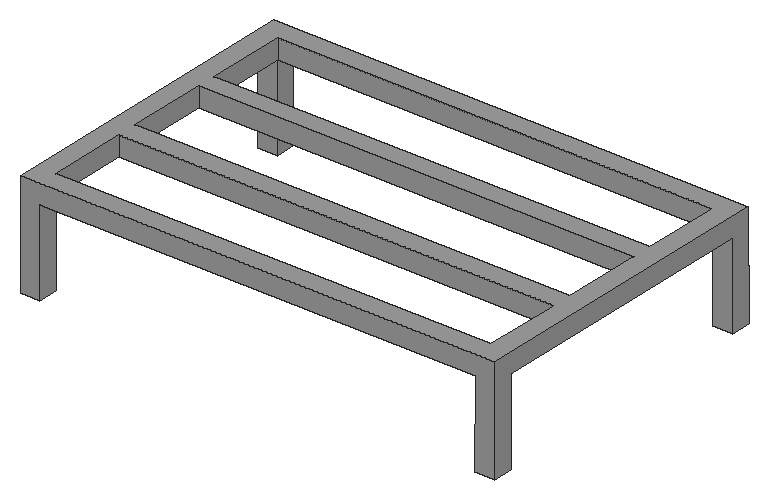
Revit family
Parameters (values of type "ByType")
  Width = 3' - 0"
  URL = "www.sspinc.net"
  Specification URL = "http://www.sspinc.net/sspweb/index.php?option=com_virtuemart&page=shop.browse&category_id=30&Itemid=73"
  Rack Material = Metal - Steel - Stainless - Chrome
  Model Number = " "
  Model = "Dunnage Rack"
  Manufacturer = "Elkay SSP, LLC"
  Length = 2' - 0"
  Height = 0' - 8"
  Description = "Aluminum Dunnage Rack"
  Center Opening = if(Length < 1' 8 1/16", 0' 4 11/16", 0' 6")  # 0' - 6"
  Assembly Code = ""
Reference planes (in)
  plane 1 "Center (Front/Back)": y = 0
  plane 2 "Bottom": z = 0
  plane 3 "Center (Left/Right)": x = 0
  plane 4 "Left": x = -18
  plane 5 "Right": x = 18
  plane 6 "Back": y = 12
  plane 7 "Front": y = -12
  plane 8: z = 8
  plane 9 "Top of Rack Bottom Edge": z = 6.5
  plane 10 "Right Inside Edge": x = 16.5
  plane 11 "Left Inside Edge": x = -16.5
  plane 12 "Back Inside Edge": y = 10.5
  plane 13 "Front Inside": y = -10.5
  plane 14 "Mid-Rear Bar Front Edge": y = 3
  plane 15 "Mid-Front Bar Back Edge": y = -3
  plane 16 "Mid-Rear Bar Back Edge": y = 4.5
  plane 17 "Mid-Front Bar Front Edge": y = -4.5
  plane 18 "LOGO CL L-R": x = 12.25
  plane 19 "LOGO CL F-B": y = 11.375
Forms (in)
  Sweep 1, solid, material "Metal - Steel - Stainless - Chrome" <- "Rack Material"
    path origin (18, 0, 0) x (0, 1, 0) y (0, 0, 1)
      loop
        line (12, 0) -> (12, 8) -> (-12, 8) -> (-12, 0)
    profile origin (18, -12, 4) x (1, 0, 0) y (0, 1, 0)
      loop
        line (-1.5, 1.5) -> (-1.5, 0) -> (0, 0) -> (0, 1.5) -> (-1.5, 1.5)
  Sweep 2, solid, material "Metal - Steel - Stainless - Chrome" <- "Rack Material"
    path origin (-18, 0, 0) x (0, 1, 0) y (0, 0, 1)
      loop
        line (-12, 0) -> (-12, 8) -> (12, 8) -> (12, 0)
    profile origin (-18, -12, 4) x (0, -1, 0) y (1, 0, 0)
      loop
        line (-1.5, 0) -> (0, 0) -> (0, 1.5) -> (-1.5, 1.5) -> (-1.5, 0)
  Extrusion 3, solid, material "Metal - Steel - Stainless - Chrome" <- "Rack Material"
    sketch origin (0, 0, 0) x (0, 1, 0) y (0, 0, 1)
      loop
        line (-4.5, 8) -> (-4.5, 6.5) -> (-3, 6.5) -> (-3, 8) -> (-4.5, 8)
    from -16.5 to 16.5
  Extrusion 4, solid, material "Metal - Steel - Stainless - Chrome" <- "Rack Material"
    sketch origin (0, 0, 0) x (0, 1, 0) y (0, 0, 1)
      loop
        line (-12, 8) -> (-12, 6.5) -> (-10.5, 6.5) -> (-10.5, 8) -> (-12, 8)
    from -16.5 to 16.5
  Extrusion 5, solid, material "Metal - Steel - Stainless - Chrome" <- "Rack Material"
    sketch origin (0, 0, 0) x (0, 1, 0) y (0, 0, 1)
      loop
        line (3, 8) -> (3, 6.5) -> (4.5, 6.5) -> (4.5, 8) -> (3, 8)
    from -16.5 to 16.5
  Extrusion 6, solid, material "Metal - Steel - Stainless - Chrome" <- "Rack Material"
    sketch origin (0, 0, 0) x (0, 1, 0) y (0, 0, 1)
      loop
        line (10.5, 8) -> (10.5, 6.5) -> (12, 6.5) -> (12, 8) -> (10.5, 8)
    from -16.5 to 16.5
Cuts and joins
  joined: Sweep 1, Sweep 2, Extrusion 3, Extrusion 4, Extrusion 5, Extrusion 6
Lines and regions (in)
  Masking region 1
    outline origin (0, 0, 0) x (1, 0, 0) y (0, 1, 0)
      loop
        line (-18, 12) -> (-18, -12) -> (18, -12) -> (18, 12) -> (-18, 12)
      loop
        line (-16.5, 10.5) -> (-16.5, 4.5) -> (16.5, 4.5) -> (16.5, 10.5) -> (-16.5, 10.5)
      loop
        line (-16.5, 3) -> (-16.5, -3) -> (16.5, -3) -> (16.5, 3) -> (-16.5, 3)
      loop
        line (-16.5, -4.5) -> (-16.5, -10.5) -> (16.5, -10.5) -> (16.5, -4.5) -> (-16.5, -4.5)
Dimensions and locks (in)
  equal spacing: plane 4 "Left", plane 3 "Center (Left/Right)", plane 5 "Right"
  "Width": plane 4 "Left" to plane 5 "Right"
  equal spacing: plane 6 "Back", plane 1 "Center (Front/Back)", plane 7 "Front"
  "Length": plane 6 "Back" to plane 7 "Front"
  locked: plane 10 "Right Inside Edge" to plane 5 "Right" at 1.5
  locked: plane 4 "Left" to plane 11 "Left Inside Edge" at 1.5
  locked: plane 6 "Back" to plane 12 "Back Inside Edge" at 1.5
  locked: plane 13 "Front Inside" to plane 7 "Front" at 1.5
  "Height": plane 8 to plane 2 "Bottom"
  locked: plane 8 to plane 9 "Top of Rack Bottom Edge" at 1.5
  equal spacing: plane 14 "Mid-Rear Bar Front Edge", plane 1 "Center (Front/Back)", plane 15 "Mid-Front Bar Back Edge"
  "Center Opening": plane 14 "Mid-Rear Bar Front Edge" to plane 15 "Mid-Front Bar Back Edge"
  locked: plane 16 "Mid-Rear Bar Back Edge" to plane 14 "Mid-Rear Bar Front Edge" at 1.5
  locked: plane 15 "Mid-Front Bar Back Edge" to plane 17 "Mid-Front Bar Front Edge" at 1.5
  locked: plane 18 "LOGO CL L-R" to plane 5 "Right" at 5.75
  locked: plane 6 "Back" to plane 19 "LOGO CL F-B" at 0.625
  aligned and locked: Sweep 1 sketch curve to plane 7 "Front"
  aligned and locked: Sweep 1 sketch curve to plane 8
  aligned and locked: Sweep 1 sketch curve to plane 6 "Back"
  aligned and locked: plane 2 "Bottom" to Sweep 1 sketch curve  (x2)
  aligned and locked: Sweep 1 sketch curve to plane 5 "Right"
  aligned and locked: Sweep 1 sketch curve to plane 13 "Front Inside"
  aligned and locked: plane 10 "Right Inside Edge" to Sweep 1 sketch curve
  aligned and locked: plane 7 "Front" to Sweep 1 sketch curve
  aligned and locked: plane 7 "Front" to Sweep 2 sketch curve  (x2)
  aligned and locked: plane 6 "Back" to Sweep 2 sketch curve
  aligned and locked: plane 8 to Sweep 2 sketch curve
  aligned and locked: plane 2 "Bottom" to Sweep 2 sketch curve  (x2)
  aligned and locked: Sweep 2 sketch curve to plane 11 "Left Inside Edge"
  aligned and locked: plane 4 "Left" to Sweep 2 sketch curve
  aligned and locked: Sweep 2 sketch curve to plane 13 "Front Inside"
  aligned and locked: Extrusion 3 sketch curve to plane 8
  aligned and locked: plane 9 "Top of Rack Bottom Edge" to Extrusion 3 sketch curve
  aligned and locked: Extrusion 3 sketch curve to plane 15 "Mid-Front Bar Back Edge"
  aligned and locked: plane 17 "Mid-Front Bar Front Edge" to Extrusion 3 sketch curve
  aligned and locked: Extrusion 3 to plane 11 "Left Inside Edge"
  aligned and locked: plane 10 "Right Inside Edge" to Extrusion 3
  aligned and locked: Extrusion 4 sketch curve to plane 13 "Front Inside"
  aligned and locked: Extrusion 4 sketch curve to plane 8
  aligned and locked: plane 9 "Top of Rack Bottom Edge" to Extrusion 4 sketch curve
  aligned and locked: plane 7 "Front" to Extrusion 4 sketch curve
  aligned and locked: plane 10 "Right Inside Edge" to Extrusion 4
  aligned and locked: Extrusion 4 to plane 11 "Left Inside Edge"
  aligned and locked: Extrusion 5 sketch curve to plane 8
  aligned and locked: plane 9 "Top of Rack Bottom Edge" to Extrusion 5 sketch curve
  aligned and locked: Extrusion 5 sketch curve to plane 16 "Mid-Rear Bar Back Edge"
  aligned and locked: plane 14 "Mid-Rear Bar Front Edge" to Extrusion 5 sketch curve
  aligned and locked: plane 10 "Right Inside Edge" to Extrusion 5
  aligned and locked: Extrusion 5 to plane 11 "Left Inside Edge"
  aligned and locked: Extrusion 6 sketch curve to plane 8
  aligned and locked: Extrusion 6 sketch curve to plane 6 "Back"
  aligned and locked: plane 12 "Back Inside Edge" to Extrusion 6 sketch curve
  aligned and locked: plane 9 "Top of Rack Bottom Edge" to Extrusion 6 sketch curve
  aligned and locked: plane 10 "Right Inside Edge" to Extrusion 6
  aligned and locked: Extrusion 6 to plane 11 "Left Inside Edge"
  aligned and locked: plane 4 "Left" to Masking region 1 sketch curve
  aligned and locked: Masking region 1 sketch curve to plane 5 "Right"
  aligned and locked: Masking region 1 sketch curve to plane 6 "Back"
  aligned and locked: plane 7 "Front" to Masking region 1 sketch curve
  aligned and locked: Masking region 1 sketch curve to plane 10 "Right Inside Edge"  (x3)
  aligned and locked: plane 11 "Left Inside Edge" to Masking region 1 sketch curve  (x3)
  aligned and locked: plane 13 "Front Inside" to Masking region 1 sketch curve
  aligned and locked: Masking region 1 sketch curve to plane 17 "Mid-Front Bar Front Edge"
  aligned and locked: plane 15 "Mid-Front Bar Back Edge" to Masking region 1 sketch curve
  aligned and locked: plane 16 "Mid-Rear Bar Back Edge" to Masking region 1 sketch curve
  aligned and locked: Masking region 1 sketch curve to plane 12 "Back Inside Edge"
  aligned and locked: Masking region 1 sketch curve to plane 14 "Mid-Rear Bar Front Edge"
  aligned and locked: plane 18 "LOGO CL L-R" to nested 1
  aligned and locked: nested 1 to plane 19 "LOGO CL F-B"
Nested families (in)
  nested 1: "logo-elkay-ssp-detail" at (12.25, 11.375, 0), type "logo-elkay-ssp-detail"
Definition of nested family "logo-elkay-ssp-detail"
  Parameters (values of type "logo-elkay-ssp-detail")
    Assembly Code = ""
  Reference planes (in)
    plane 1 "Center (Front/Back)": y = 0
    plane 2: z = 0
    plane 3 "Center (Left/Right)": x = 0
  Lines and regions (in)
    model lines, style "Light Lines", in view "Ref. Level"
      curve 1: line (-3.32285, -0.06136, 0) -> (-4.06065, -0.06136, 0)
      curve 2: line (-4.06065, -0.06136, 0) -> (-4.1052, -0.25903, 0)
      curve 3: line (-4.1052, -0.25903, 0) -> (-3.21308, -0.25903, 0)
      curve 4: line (-3.21308, -0.25903, 0) -> (-3.24121, -0.38381, 0)
      curve 5: line (-3.24121, -0.38381, 0) -> (-4.38592, -0.38381, 0)
      curve 6: line (-4.38592, -0.38381, 0) -> (-4.2221, 0.37099, 0)
      curve 7: line (-4.2221, 0.37099, 0) -> (-3.14692, 0.37099, 0)
      curve 8: line (-3.14692, 0.37099, 0) -> (-3.17697, 0.23769, 0)
      curve 9: line (-3.17697, 0.23769, 0) -> (-3.99255, 0.23769, 0)
      curve 10: line (-3.99255, 0.23769, 0) -> (-4.0323, 0.06136, 0)
      curve 11: line (-4.0323, 0.06136, 0) -> (-3.29519, 0.06136, 0)
      curve 12: line (-3.29519, 0.06136, 0) -> (-3.32285, -0.06136, 0)
      curve 13: line (-2.6687, 0.37099, 0) -> (-2.81391, -0.25903, 0)
      curve 14: line (-2.81391, -0.25903, 0) -> (-2.05871, -0.25903, 0)
      curve 15: line (-2.05871, -0.25903, 0) -> (-2.08684, -0.38381, 0)
      curve 16: line (-2.08684, -0.38381, 0) -> (-3.09595, -0.38381, 0)
      curve 17: line (-3.09595, -0.38381, 0) -> (-2.93213, 0.37099, 0)
      curve 18: line (-2.93213, 0.37099, 0) -> (-2.6687, 0.37099, 0)
      curve 19: line (-0.64402, 0.37099, 0) -> (-0.90842, 0.37099, 0)
      curve 20: line (-0.90842, 0.37099, 0) -> (-1.67841, -0.0469, 0)
      curve 21: line (-1.67841, -0.0469, 0) -> (-1.57913, 0.37099, 0)
      curve 22: line (-1.57913, 0.37099, 0) -> (-1.84806, 0.37099, 0)
      curve 23: line (-1.84806, 0.37099, 0) -> (-2.01188, -0.38381, 0)
      curve 24: line (-2.01188, -0.38381, 0) -> (-1.7563, -0.38381, 0)
      curve 25: line (-1.7563, -0.38381, 0) -> (-1.71799, -0.21251, 0)
      curve 26: line (-1.71799, -0.21251, 0) -> (-1.43517, -0.06668, 0)
      curve 27: line (-1.43517, -0.06668, 0) -> (-1.0752, -0.38302, 0)
      curve 28: line (-1.0752, -0.38302, 0) -> (-0.71907, -0.38302, 0)
      curve 29: line (-0.71907, -0.38302, 0) -> (-1.21254, 0.0523, 0)
      curve 30: line (-1.21254, 0.0523, 0) -> (-0.64912, 0.37099, 0)
      curve 31: line (0.08918, 0.26288, 0) -> (0.26729, -0.08711, 0)
      curve 32: line (0.26729, -0.08711, 0) -> (-0.20629, -0.08711, 0)
      curve 33: line (-0.20629, -0.08711, 0) -> (0.08918, 0.26288, 0)
      curve 34: line (0.34973, -0.25251, 0) -> (0.4165, -0.38302, 0)
      curve 35: line (0.4165, -0.38302, 0) -> (0.70132, -0.38302, 0)
      curve 36: line (0.70132, -0.38302, 0) -> (0.33383, 0.37099, 0)
      curve 37: line (0.33383, 0.37099, 0) -> (0.0006, 0.37099, 0)
      curve 38: line (0.0006, 0.37099, 0) -> (-0.67302, -0.38302, 0)
      curve 39: line (-0.67302, -0.38302, 0) -> (-0.46788, -0.38302, 0)
      curve 40: line (-0.46788, -0.38302, 0) -> (-0.3476, -0.25251, 0)
      curve 41: line (-0.3476, -0.25251, 0) -> (0.34973, -0.25251, 0)
      curve 42: line (0.56187, 0.37099, 0) -> (0.87618, 0.37099, 0)
      curve 43: line (0.87618, 0.37099, 0) -> (1.20045, 0.00137, 0)
      curve 44: line (1.20045, 0.00137, 0) -> (1.65515, 0.37099, 0)
      curve 45: line (1.65515, 0.37099, 0) -> (1.84822, 0.37099, 0)
      curve 46: line (1.84822, 0.37099, 0) -> (1.2574, -0.11624, 0)
      curve 47: line (0.57295, 0.37099, 0) -> (1.00835, -0.11016, 0)
      curve 48: line (1.00835, -0.11016, 0) -> (0.94407, -0.38302, 0)
      curve 49: line (0.94407, -0.38302, 0) -> (1.19982, -0.38302, 0)
      curve 50: line (1.19982, -0.38302, 0) -> (1.2574, -0.11624, 0)
      curve 51: arc (2.52563, -0.41963, 0) -> (2.55578, -0.40042, 0) -> (2.5511, -0.36497, 0) r 0.03326
      curve 52: arc (2.46024, 0.37099, 0) -> (2.23746, 0.22901, 0) -> (2.27207, -0.03289, 0) r 0.24577
      curve 53: arc (3.26518, 0.1338, 0) -> (3.22745, 0.10965, 0) -> (3.23358, 0.06528, 0) r 0.04155
      curve 54: arc (3.33528, -0.6502, 0) -> (3.54975, -0.51639, 0) -> (3.51615, -0.26584, 0) r 0.23308
      curve 55: arc (3.29628, -0.70696, 0) -> (3.41982, -0.6722, 0) -> (3.50727, -0.57827, 0) r 0.23766
      curve 56: arc (3.2186, -0.41963, 0) -> (3.25205, -0.39818, 0) -> (3.24651, -0.35884, 0) r 0.03681
      curve 57: arc (3.15289, 0.37099, 0) -> (2.93027, 0.22824, 0) -> (2.96709, -0.03364, 0) r 0.24497
      curve 58: arc (2.633, -0.64933, 0) -> (2.85307, -0.50732, 0) -> (2.81371, -0.24838, 0) r 0.24106
      curve 59: arc (2.57187, 0.13545, 0) -> (2.53153, 0.10936, 0) -> (2.53876, 0.06187, 0) r 0.04424
      curve 60: arc (2.55732, 0.07873, 0) -> (2.54756, 0.0776, 0) -> (2.53831, 0.07426, 0) r 0.04262
      curve 61: arc (2.92714, 0.22115, 0) -> (2.87312, 0.06226, 0) -> (2.93286, -0.09457, 0) r 0.24753
      curve 62: arc (2.23855, 0.23132, 0) -> (2.17681, 0.0715, 0) -> (2.23443, -0.08985, 0) r 0.24592
      curve 63: arc (3.88486, -0.44269, 0) -> (4.12885, -0.30718, 0) -> (4.32958, -0.11327, 0) r 1.0718
      curve 64: arc (4.32958, -0.11327, 0) -> (4.38535, 0.16386, 0) -> (4.19297, 0.37099, 0) r 0.30993
      curve 65: arc (3.88486, -0.48319, 0) -> (4.13375, -0.33012, 0) -> (4.32958, -0.11327, 0) r 1.02892
      curve 66: arc (4.32958, -0.11327, 0) -> (4.38773, 0.0419, 0) -> (4.36981, 0.20663, 0) r 0.35813
      curve 67: arc (3.97545, 0.1338, 0) -> (4.02101, 0.1288, 0) -> (4.0644, 0.11404, 0) r 0.21001
      curve 68: arc (4.0644, 0.11404, 0) -> (4.10051, 0.07497, 0) -> (4.09899, 0.0218, 0) r 0.07042
      curve 69: arc (4.09899, 0.0218, 0) -> (4.08251, -0.0082, 0) -> (4.06114, -0.03492, 0) r 0.19865
      curve 70: arc (4.06114, -0.03492, 0) -> (3.97859, -0.10823, 0) -> (3.88498, -0.16674, 0) r 0.65976
      curve 71: arc (3.93761, 0.07708, 0) -> (3.98316, 0.07208, 0) -> (4.02655, 0.05732, 0) r 0.21001
      curve 72: arc (4.02655, 0.05732, 0) -> (4.05187, 0.03848, 0) -> (4.06773, 0.0112, 0) r 0.07853
      curve 73: arc (4.06773, 0.0112, 0) -> (4.06991, -0.01264, 0) -> (4.06114, -0.03492, 0) r 0.05183
      curve 74: line (2.57187, 0.13545, 0) -> (2.84882, 0.13545, 0)
      curve 75: line (2.84882, 0.13545, 0) -> (2.77849, 0.37099, 0)
      curve 76: line (2.77849, 0.37099, 0) -> (2.46024, 0.37099, 0)
      curve 77: line (2.27207, -0.03289, 0) -> (2.5511, -0.36497, 0)
      curve 78: line (3.34243, -0.6502, 0) -> (2.02856, -0.6502, 0)
      curve 79: line (2.02856, -0.6502, 0) -> (1.96102, -0.41963, 0)
      curve 80: line (1.96102, -0.41963, 0) -> (2.52563, -0.41963, 0)
      curve 81: line (1.97764, -0.47635, 0) -> (1.92318, -0.47635, 0)
      curve 82: line (1.92318, -0.47635, 0) -> (1.99066, -0.70813, 0)
      curve 83: line (1.99066, -0.70813, 0) -> (3.29628, -0.70813, 0)
      curve 84: line (3.88486, -0.44269, 0) -> (3.88486, -0.65187, 0)
      curve 85: line (3.88486, -0.65187, 0) -> (3.62132, -0.65187, 0)
      curve 86: line (3.62132, -0.65187, 0) -> (3.62132, 0.1338, 0)
      curve 87: line (3.62132, 0.1338, 0) -> (3.26518, 0.1338, 0)
      curve 88: line (3.84701, -0.65187, 0) -> (3.84701, -0.70859, 0)
      curve 89: line (3.84701, -0.70859, 0) -> (3.58348, -0.70859, 0)
      curve 90: line (3.58348, -0.70859, 0) -> (3.58348, 0.07708, 0)
      curve 91: line (3.58348, 0.07708, 0) -> (3.2265, 0.07708, 0)
      curve 92: line (3.97545, 0.1338, 0) -> (3.88498, 0.1338, 0)
      curve 93: line (3.88498, 0.1338, 0) -> (3.88498, -0.16674, 0)
      curve 94: line (3.15289, 0.37099, 0) -> (4.19297, 0.37099, 0)
      curve 95: line (2.79404, 0.13545, 0) -> (2.81098, 0.07873, 0)
      curve 96: line (2.81098, 0.07873, 0) -> (2.55732, 0.07873, 0)
      curve 97: line (2.8741, -0.41963, 0) -> (3.2186, -0.41963, 0)
      curve 98: line (3.23358, 0.06528, 0) -> (3.53073, -0.28292, 0)
      curve 99: line (2.96709, -0.03364, 0) -> (3.24651, -0.35884, 0)
      curve 100: line (2.53876, 0.06187, 0) -> (2.81371, -0.24838, 0)
      curve 101: line (2.93286, -0.09457, 0) -> (3.21217, -0.41963, 0)
      curve 102: line (2.23443, -0.08985, 0) -> (2.51152, -0.41963, 0)
      curve 103: line (3.88498, 0.07708, 0) -> (3.93761, 0.07708, 0)
